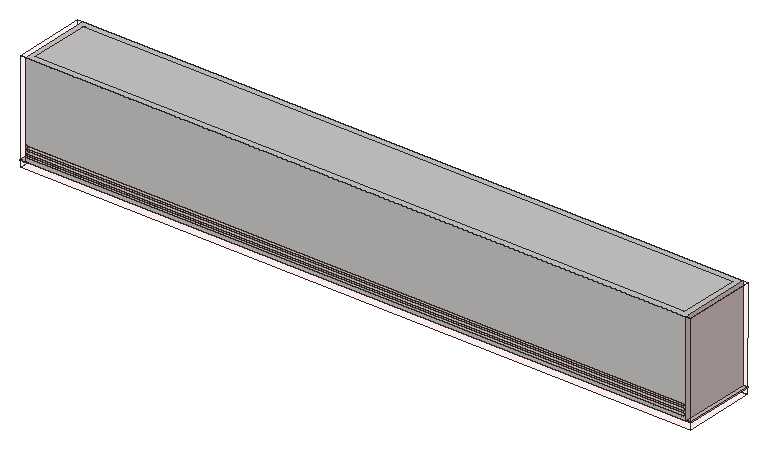
Revit family "Air-Curtain_Specialty_PoweredAire_HDX-Hazardous", category Mechanical Equipment, host Face, Revit 2018
Family settings
  Host = Face
  Round Connector Dimension = Use Diameter
  Part Type = Normal
  OmniClass Number = 23.75.35.17.21
  OmniClass Title = Air Curtains
  Cut with Voids When Loaded = No
  Shared = No
  Room Calculation Point = No
Parameters (values of type "192'' Nozzle")
  Warranty Duration (Years) = 0
  Unit Width Notes = "Other Widths available."  # constant formula
  Unit Width = 16' - 3 1/4"
  Unit Weight = 1170
  Unit Height = 1' - 9"
  Unit Depth = 2' - 3 1/4"
  URL = "http://www.poweredaire.com/"
  Test Data = ""
  Standards Conformance = "Class I C and D  ;  Class II F and G  ;  Made in USA"
  Specification = "http://www.arcat.com/sdspecs/htm04/23_34_33pai.htm"
  SpecWizard = ""
  Sound Pressure = ">69 dBA"
  Sales Information = "http://www.poweredaire.com/contact_us"
  Revision = "R1_2016-08"
  Projection from Host [instance] = 0' - 2"
  Product Properties = ""
  Product Data = "http://www.arcat.com/arcatcos/cos47/arc47623.html"
  Power Rating = 0 W
  Nozzle Width = if(1 = 1, Unit Width - 0' 3", 0' 0")  # 16' - 0 1/4"
  Mounting Width = if(1 = 1, Unit Width - 0' 1 1/2", 0' 0")  # 16' - 1 3/4"
  Mounting Height [instance] = 3' - 6"
  Motor RPM = 1160
  Motor HP = 3
  Motor Count = 3
  Model = "HDX-3-192"
  Max Height = 17' - 0"
  Manufacturer Website = "http://www.poweredaire.com/"
  Manufacturer Phone - Toll Free = "888-321-2473"
  Manufacturer Phone = "724-588-3305"
  Manufacturer Fax = "724-588-3371"
  Manufacturer Address = "109 Mortensen Rd.  Greenville, PA 16125"
  Manufacturer = "Powered Aire, Inc"
  Maintenance Schedule (Months) = 0
  Keynote = "23 34 33"
  Installation-Fabrication = ""
  Installation Phase = ""
  Include Clearance [instance] = yes
  Heating Element Load = 0 W
  HVAC_Temperature Rise = 0 °F
  HVAC_Outlet Volume = 15700 CFM
  HVAC_Outlet Velocity Uniformity = 0.863
  HVAC_Outlet Velocity = 6200 FPM
  Green Building-LEED = "http://www.arcat.com/green/clients/leed_data_47623.html"
  Front Grating Material [instance] = Metal - Steel - PoweredAire - Stainless 304 Perforated
  Frame Finish [instance] = Metal - Steel - PoweredAire - Stainless 304
  Expected Lifespan (Years) = 0
  Electrical_Wattage [instance] = Power Rating + Heating Element Load  # 0 W
  Electrical_Voltage [instance] = 0 V
  Electrical_Phase [instance] = 1
  Electrical_Frequency [instance] = 0 Hz
  Electrical_Amperage [instance] = 0 A
  Drawn By = "Sumex Design, Inc. / Robert S. Weygant, CSI, CDT, SCIP"
  Description = "Powered Aire Unheated Hazardous Area Air Curtain - HDX-3-192 as Specified"
  Default Elevation = 0' - 0"  # constant formula
  Copyright = "©Arcat Inc."
  Construction Details = "http://www.arcat.com/details/powair/prod3336.html"
  Clearance_Top [instance] = 0' - 0"
  Clearance_Side B [instance] = 0' - 0"
  Clearance_Side A [instance] = 0' - 0"
  Clearance_Intake [instance] = 0' - 0"
  Clearance_Bottom [instance] = 0' - 0"
  Clearance Material [instance] = ARCAT Clearance
  Building Codes = ""
  Available Options [instance] = "as Specified"
  Assembly Code = "D3090400"
Types (7): name | Unit Width | Unit Weight | Sound Pressure | Nozzle Width | Mounting Width | Motor Count | Model | HVAC_Outlet Volume | HVAC_Outlet Velocity Uniformity | HVAC_Outlet Velocity | Description
  192'' Nozzle | 16' - 3 1/4" | 1170 | ">69 dBA" | 16' - 0 1/4" | 16' - 1 3/4" | 3 | "HDX-3-192" | 15700 CFM | 0.863 | 6200 FPM | "Powered Aire Unheated Hazardous Area Air Curtain - HDX-3-192 as Specified"
  180'' Nozzle | 15' - 3 1/4" | 1150 | ">69 dBA" | 15' - 0 1/4" | 15' - 1 3/4" | 3 | "HDX-3-180" | 15000 CFM | 0.863 | 6200 FPM | "Powered Aire Unheated Hazardous Area Air Curtain - HDX-3-180 as Specified"
  144'' Nozzle | 12' - 3 1/8" | 830 | ">69 dBA" | 12' - 0 1/8" | 12' - 1 5/8" | 2 | "HDX-2-144" | 11200 CFM | 0.863 | 5900 FPM | "Powered Aire Unheated Hazardous Area Air Curtain - HDX-2-144 as Specified"
  132'' Nozzle | 11' - 3 1/8" | 805 | ">69 dBA" | 11' - 0 1/8" | 11' - 1 5/8" | 2 | "HDX-2-132" | 10400 CFM | 0.863 | 5900 FPM | "Powered Aire Unheated Hazardous Area Air Curtain - HDX-2-132 as Specified"
  120'' Nozzle | 10' - 3 1/8" | 785 | ">69 dBA" | 10' - 0 1/8" | 10' - 1 5/8" | 2 | "HDX-2-120" | 9700 CFM | 0.92 | 5800 FPM | "Powered Aire Unheated Hazardous Area Air Curtain - HDX-2-120 as Specified"
  72'' Nozzle | 6' - 3" | 420 | "69 dBA" | 6' - 0" | 6' - 1 1/2" | 1 | "HDX-1-72" | 5600 CFM | 0.863 | 5900 FPM | "Powered Aire Unheated Hazardous Area Air Curtain - HDX-1-72 as Specified"
  60'' Nozzle | 5' - 3" | 400 | "69 dBA" | 5' - 0" | 5' - 1 1/2" | 1 | "HDX-1-60" | 4900 CFM | 0.92 | 5800 FPM | "Powered Aire Unheated Hazardous Area Air Curtain - HDX-1-60 as Specified"
Reference planes (in)
  plane 1 "Center (Elevation)": y = 10.63818
  plane 2: z = 0
  plane 3 "Center (Left/Right)": x = 0
  plane 4: y = 21.13818
  plane 5 "BoC": y = 0.13818
  plane 6: x = -97.625
  plane 7: x = 97.625
  plane 8: z = 29.25
  plane 9 "FF": y = -41.86182
  plane 10: z = 2
  plane 11: x = 96.125
  plane 12: x = -96.125
  plane 13: y = 21.13818
  plane 14: y = 0.13818
  plane 15: x = -97.625
  plane 16: x = 97.625
  plane 17: z = 29.25
  plane 18: y = 0.13818
  plane 19: x = 96.0625
  plane 20: x = -96.0625
Forms (in)
  Extrusion 1, solid, material "ARCAT Clearance" <- "Clearance Material", visible <- "Include Clearance"
    sketch origin (0, 0, 0) x (0, 1, 0) y (0, 0, 1)
      loop
        line (0.13818, 29.25) -> (0.13818, 0) -> (21.13818, 0) -> (21.13818, 29.25) -> (0.13818, 29.25)
    from -97.625 to 97.625
  Extrusion 2, solid, material "Metal - Steel - PoweredAire - Stainless 304" <- "Frame Finish"
    sketch origin (0, 10.63818, 0) x (1, 0, 0) y (0, 0, 1)
      loop
        line (96.125, 29.25) -> (-96.125, 29.25) -> (-96.125, 2) -> (96.125, 2) -> (96.125, 29.25)
    from -10.5 to 10.5
  Extrusion 3, void
    sketch origin (0, 0, 0) x (0, 1, 0) y (0, 0, 1)
      loop
        line (0.13818, 4) -> (0.13818, 3) -> (1.63818, 3) -> (1.63818, 6.5) -> (0.13818, 6.5) -> (0.13818, 5.5) -> (1.38818, 5.5) -> (1.38818, 5.25) -> (0.13818, 5.25) -> (0.13818, 4.25) -> (1.38818, 4.25) -> (1.38818, 4) -> (0.13818, 4)
    from -96.0625 to 96.0625
  Extrusion 4, solid, material "Metal - Steel - PoweredAire - Stainless 304" <- "Frame Finish"
    sketch origin (-15.17702, -180, 2) x (-1, 0, 0) y (0, -1, 0)
      loop
        line (-111.30202, -201.13818) -> (-111.30202, -180.13818) -> (-112.80202, -180.13818) -> (-112.80202, -201.13818) -> (-111.30202, -201.13818)
      loop
        line (80.94798, -201.13818) -> (82.44798, -201.13818) -> (82.44798, -180.13818) -> (80.94798, -180.13818) -> (80.94798, -201.13818)
    from 0 to 0.125
  Extrusion 5, solid, material "Metal - Steel - PoweredAire - Stainless 304 Perforated" <- "Front Grating Material"
    sketch origin (96.125, 10.63818, 29.25) x (-1, 0, 0) y (0, -1, 0)
      loop
        line (1.5, -9) -> (190.75, -9) -> (190.75, 9) -> (1.5, 9) -> (1.5, -9)
    from 0 to 0.03125
Cuts and joins
  Extrusion 3 cuts Extrusion 2
Dimensions and locks (in)
  equal spacing: plane 4, plane 1 "Center (Elevation)", plane 5 "BoC"
  "Unit Height": plane 4 to plane 5 "BoC"
  equal spacing: plane 6, plane 3 "Center (Left/Right)", plane 7
  "Unit Width": plane 6 to plane 7
  "Mounting Height": plane 5 "BoC" to plane 9 "FF"
  "Projection from Host": plane 10 to level
  "Unit Depth": plane 8 to plane 10
  locked: plane 6 to plane 12 at 1.5
  locked: plane 11 to plane 7 at 1.5
  "Clearance_Side A": plane 7 to plane 16
  "Clearance_Side B": plane 15 to plane 6
  "Clearance_Top": plane 13 to plane 4
  "Clearance_Bottom": plane 5 "BoC" to plane 14
  "Clearance_Intake": plane 17 to plane 8
  locked: plane 7 to Extrusion 2 sketch curve at 1.5
  locked: Extrusion 2 sketch curve to plane 6 at 1.5
  locked: plane 18 to plane 5 "BoC" at 0
  locked: plane 12 to Extrusion 5 sketch curve at 1.5
  locked: Extrusion 5 sketch curve to plane 11 at 1.5
  locked: Extrusion 5 sketch curve to plane 5 "BoC" at 1.5
  locked: plane 20 to plane 12 at 0.0625
  locked: plane 11 to plane 19 at 0.0625
  Extrusion 3 sketch curve to Extrusion 3 sketch curve to Extrusion 3 sketch curve to Extrusion 3 sketch curve to Extrusion 3 sketch curve to Extrusion 3 sketch curve to plane 10 = 0' - 1" locked, 0' - 0 1/4" locked, 0' - 1" locked, 0' - 0 1/4" locked, 0' - 1" locked, 0' - 1" locked
  locked: plane 4 to Extrusion 5 sketch curve at 1.5
  aligned and locked: plane 2 to host face
  aligned and locked: level to host face
  aligned and locked: Extrusion 1 sketch curve to plane 17
  aligned and locked: plane 14 to Extrusion 1 sketch curve
  aligned and locked: level to Extrusion 1 sketch curve
  aligned and locked: Extrusion 1 sketch curve to plane 13
  aligned and locked: plane 16 to Extrusion 1
  aligned and locked: Extrusion 1 to plane 15
  aligned and locked: Extrusion 2 to plane 4
  aligned and locked: Extrusion 2 to plane 18
  aligned and locked: Extrusion 4 sketch curve to plane 4  (x2)
  aligned and locked: Extrusion 2 sketch curve to plane 10
  aligned and locked: Extrusion 3 to plane 20
  aligned and locked: plane 19 to Extrusion 3
  aligned and locked: Extrusion 2 sketch curve to plane 8
  aligned and locked: plane 18 to Extrusion 4 sketch curve  (x2)
Automatic sketch dimensions
  host sketch curve to host sketch curve = 8' - 0"  (x2)
  Extrusion 4 sketch curve to plane 7 = 0' - 0"
  Extrusion 4 sketch curve to plane 11 = 0' - 0"
  Extrusion 4 sketch curve to plane 12 = 0' - 0"
  Extrusion 4 sketch curve to plane 6 = 0' - 0"
  Extrusion 3 sketch curve to plane 5 "BoC" = 0' - 0"  (x3)
  plane 18 to Extrusion 3 sketch curve = 0' - 1 1/4"
  Extrusion 3 sketch curve to Extrusion 3 sketch curve = 0' - 0"
  Extrusion 3 sketch curve to Extrusion 3 sketch curve = 0' - 0 1/4"
Connectors (in)
  electrical at (-96.125, 10.63818, 15.625), driven by "Electrical_Voltage", driven by "Electrical_Phase"
    settings: on cut or joined group of Extrusion 2, Extrusion 3, index 1, voltage 0 V, apparent load 0 VA, apparent load phase1 0 VA, apparent load phase2 0 VA, apparent load phase3 0 VA, power factor 1, load classification "Other", number of poles 1, system type 31, power factor state 1, is connector primary yes, connector utility no, sub classification motor no, connector description ""
